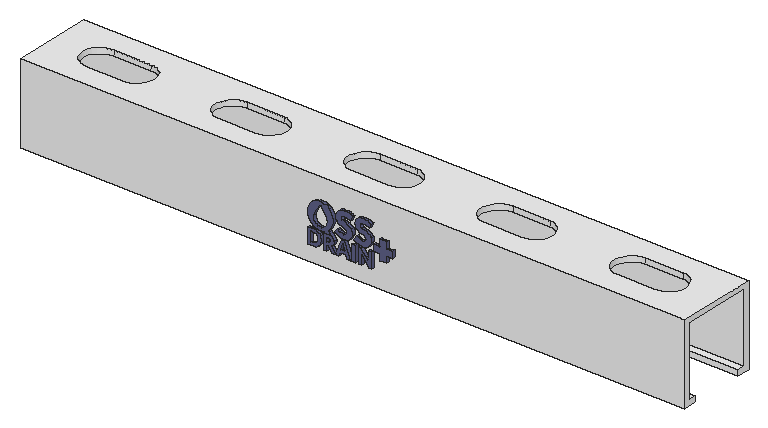
Revit family "QSS+_Стальная шина", category Обобщенные модели, Revit 2019
Family settings
  Может служить основой для арматурных стержней = Нет
  Размер круглого соединителя = Использовать диаметр
  Тип детали = Нормальный
  На основе рабочей плоскости = Нет
  Всегда вертикально = Да
  При загрузке вырезать с полостями = Нет
  Общий = Да
  Точка расчета площади = Нет
Parameters (values of type "QSS+")
  Шаг [instance] = 50 mm
  Материал_Корпус = Металл
  Высота = 30 mm  # constant formula
  n [instance] = ADSK_Размер_Длина / 50 mm  # 5
  l [instance] = (ADSK_Размер_Длина - ((n - 1) * 100 mm)) / 2  # -75 mm
  a/2 [instance] = Шаг / 2  # 25 mm
  URL = "www.agpipe.ru"
  ADSK_Размер_Длина [instance] = 250 mm
  ADSK_Примечание = ""
  ADSK_Позиция [instance] = ""
  ADSK_Обозначение = ""
  ADSK_Наименование [instance] = "Cтальная шина 30/30"  # constant formula
  ADSK_Масса_Текст [instance] = ""
  ADSK_Код изделия [instance] = "QSS-PPS-26518317"  # constant formula
  ADSK_Завод-изготовитель = "Agpipe"  # constant formula
  ADSK_Единица измерения = "шт."  # constant formula
Types (2, lengths in mm): name | n | l | ADSK_Размер_Длина
  QSS | 10 | -200 | 500
  QSS+ | 5 | -75 | 250
Reference planes
  plane 1 "По центру (Вперед/Назад)": y = 0
  plane 2: z = 0
  plane 3 "По центру (Влево/Вправо)": x = 0
  plane 4: x = -125
  plane 5: x = 125
  plane 6 "1": y = -15
  plane 7: y = 15
  plane 8: z = 30
Forms (mm)
  Extrusion 1, solid, material "Металл" <- "Материал_Корпус"
    sketch origin (0, 0, 0) x (0, 1, 0) y (0, 0, 1)
      loop
        line (15, 0) -> (15, 30) -> (-15, 30) -> (-15, 0) -> (-10, 0) -> (-10, 2) -> (-13, 2) -> (-13, 28) -> (13, 28) -> (13, 2) -> (10, 2) -> (10, 0) -> (15, 0)
    from -125 to 125
  Extrusion 2, void
    sketch origin (5.5, 0, 0) x (1, 0, 0) y (0, 1, 0)
      loop
        arc (-112.5, 6.5) -> (-119, 0) -> (-112.5, -6.5) r 6.5
        line (-112.5, -6.5) -> (-98.5, -6.5)
        arc (-98.5, -6.5) -> (-92.683, -2.9) -> (-93.309, 3.911) r 6.5
        arc (-93.309, 3.911) -> (-95.6, 5.817) -> (-98.5, 6.5) r 6.5
        line (-98.5, 6.5) -> (-112.5, 6.5)
    from 28 to 30
  Extrusion 3, void
    sketch origin (55.5, 0, 0) x (1, 0, 0) y (0, 1, 0)
      loop
        arc (-112.5, 6.5) -> (-119, 0) -> (-112.5, -6.5) r 6.5
        line (-112.5, -6.5) -> (-98.5, -6.5)
        arc (-98.5, -6.5) -> (-92.683, -2.9) -> (-93.309, 3.911) r 6.5
        arc (-93.309, 3.911) -> (-95.6, 5.817) -> (-98.5, 6.5) r 6.5
        line (-98.5, 6.5) -> (-112.5, 6.5)
    from 28 to 30
  Extrusion 4, void
    sketch origin (105.5, 0, 0) x (1, 0, 0) y (0, 1, 0)
      loop
        arc (-112.5, 6.5) -> (-119, 0) -> (-112.5, -6.5) r 6.5
        line (-112.5, -6.5) -> (-98.5, -6.5)
        arc (-98.5, -6.5) -> (-92.683, -2.9) -> (-93.309, 3.911) r 6.5
        arc (-93.309, 3.911) -> (-95.6, 5.817) -> (-98.5, 6.5) r 6.5
        line (-98.5, 6.5) -> (-112.5, 6.5)
    from 28 to 30
  Extrusion 5, void
    sketch origin (155.5, 0, 0) x (1, 0, 0) y (0, 1, 0)
      loop
        arc (-112.5, 6.5) -> (-119, 0) -> (-112.5, -6.5) r 6.5
        line (-112.5, -6.5) -> (-98.5, -6.5)
        arc (-98.5, -6.5) -> (-92.683, -2.9) -> (-93.309, 3.911) r 6.5
        arc (-93.309, 3.911) -> (-95.6, 5.817) -> (-98.5, 6.5) r 6.5
        line (-98.5, 6.5) -> (-112.5, 6.5)
    from 28 to 30
  Extrusion 6, void
    sketch origin (205.5, 0, 0) x (1, 0, 0) y (0, 1, 0)
      loop
        arc (-112.5, 6.5) -> (-119, 0) -> (-112.5, -6.5) r 6.5
        line (-112.5, -6.5) -> (-98.5, -6.5)
        arc (-98.5, -6.5) -> (-92.683, -2.9) -> (-93.309, 3.911) r 6.5
        arc (-93.309, 3.911) -> (-95.6, 5.817) -> (-98.5, 6.5) r 6.5
        line (-98.5, 6.5) -> (-112.5, 6.5)
    from 28 to 30
Cuts and joins
  Extrusion 2, Extrusion 3, Extrusion 4, Extrusion 5, Extrusion 6 cuts Extrusion 1
Lines and regions (mm)
  symbolic lines, style "InvisibleLines"
    curve 1: line (-100, 6.5, 0) -> (-100, 1.5, 0)
    curve 2: line (-50, 6.5, 0) -> (-50, 1.5, 0)
    curve 3: line (0, 6.5, 0) -> (0, 1.5, 0)
    curve 4: line (50, 6.5, 0) -> (50, 1.5, 0)
    curve 5: line (100, 6.5, 0) -> (100, 1.5, 0)
Dimensions and locks
  equal spacing: plane 4, plane 3 "По центру (Влево/Вправо)", plane 5
  "ADSK_Размер_Длина": plane 4 to plane 5
  equal spacing: plane 7, plane 1 "По центру (Вперед/Назад)", plane 6 "1"
  "Высота": plane 7 to plane 6 "1"
  "Высота": plane 8 to level
  locked: plane 6 "1" to Extrusion 1 sketch curve at 2
  locked: Extrusion 1 sketch curve to plane 7 at 2
  locked: plane 8 to Extrusion 1 sketch curve at 2
  locked: Extrusion 1 sketch curve to level at 2
  locked: plane 6 "1" to Extrusion 1 sketch curve at 5
  locked: Extrusion 1 sketch curve to plane 7 at 5
  equal spacing: group 1, group 2, group 3, group 4, group 5  (x3)
  "a/2": plane 4 to curve 1
  "Шаг": curve 1 to curve 2
  aligned and locked: level to plane 2
  aligned and locked: plane 6 "1" to Extrusion 1 sketch curve
  aligned and locked: Extrusion 1 sketch curve to plane 8
  aligned and locked: Extrusion 1 sketch curve to plane 7
  aligned and locked: level to Extrusion 1 sketch curve  (x2)
  aligned and locked: plane 5 to Extrusion 1
  aligned and locked: Extrusion 1 to plane 4
  aligned and locked: plane 8 to Extrusion 2
  aligned and locked: Extrusion 1 to Extrusion 2
Automatic sketch dimensions
  level to Extrusion 1 sketch curve = 2 mm
  Extrusion 4 sketch curve to Extrusion 4 sketch curve = 5.191 mm
  Extrusion 4 sketch curve to Extrusion 4 sketch curve = 14 mm
  Extrusion 4 sketch curve to Extrusion 4 sketch curve = 0 mm  (x4)
  Extrusion 4 sketch curve to Extrusion 4 sketch curve = 6.5 mm
  Extrusion 2 sketch curve to Extrusion 2 sketch curve = 5.191 mm
  Extrusion 2 sketch curve to Extrusion 2 sketch curve = 14 mm
  Extrusion 2 sketch curve to Extrusion 2 sketch curve = 0 mm  (x4)
  Extrusion 2 sketch curve to Extrusion 2 sketch curve = 6.5 mm
  Extrusion 3 sketch curve to Extrusion 3 sketch curve = 5.191 mm
  Extrusion 3 sketch curve to Extrusion 3 sketch curve = 14 mm
  Extrusion 3 sketch curve to Extrusion 3 sketch curve = 0 mm  (x4)
  Extrusion 3 sketch curve to Extrusion 3 sketch curve = 6.5 mm
  Extrusion 5 sketch curve to Extrusion 5 sketch curve = 5.191 mm
  Extrusion 5 sketch curve to Extrusion 5 sketch curve = 14 mm
  Extrusion 5 sketch curve to Extrusion 5 sketch curve = 0 mm  (x4)
  Extrusion 5 sketch curve to Extrusion 5 sketch curve = 6.5 mm
  Extrusion 6 sketch curve to Extrusion 6 sketch curve = 5.191 mm
  Extrusion 6 sketch curve to Extrusion 6 sketch curve = 14 mm
  Extrusion 6 sketch curve to Extrusion 6 sketch curve = 0 mm  (x4)
  Extrusion 6 sketch curve to Extrusion 6 sketch curve = 6.5 mm
  curve 1 to curve 1 = 5 mm
  curve 2 to curve 2 = 5 mm
  curve 3 to curve 3 = 5 mm
  curve 4 to curve 4 = 5 mm
  curve 5 to curve 5 = 5 mm
Nested families
  nested 1: "Лого" at (0, -15, 14.443) x (1, 0, 0) z (0, -1, 0), type "Лого"
Definition of nested family "Лого"
  Parameters (values of type "Лого")
    Default Elevation = 1219.2 mm
    Материал_Лого = none
    Высота = 1 mm
  Reference planes
    plane 1 "По центру (Вперед/Назад)": y = 0
    plane 2: z = 0
    plane 3 "По центру (Влево/Вправо)": x = 0
  Forms (mm)
    Extrusion 1, solid, material <- "Материал_Лого"
      sketch origin (0.011, 0.021, 0) x (1, 0, 0) y (0, 1, 0)
        loop
          line (11.196, 0.662) -> (8.786, 0.662) -> (8.786, -1.717) -> (11.196, -1.717) -> (11.196, -4.126) -> (13.605, -4.126) -> (13.605, -1.717) -> (16.014, -1.717) -> (16.014, 0.662) -> (13.605, 0.662) -> (13.605, 3.071) -> (11.196, 3.071) -> (11.196, 0.662)
        loop
          line (-16.035, -2.231) -> (-16.035, -7.927) -> (-13.681, -7.927)
          arc (-13.681, -7.927) -> (-10.833, -5.079) -> (-13.681, -2.231) r 2.848
          line (-13.681, -2.231) -> (-16.035, -2.231)
        loop
          line (-14.941, -3.231) -> (-14.941, -6.907) -> (-13.675, -6.907)
          spline (-13.675, -6.907) -> (-13.29, -6.844) -> (-12.93, -6.661) -> (-12.622, -6.368) -> (-12.385, -5.988) -> (-12.236, -5.545) -> (-12.186, -5.069) -> (-12.236, -4.593) -> (-12.385, -4.15) -> (-12.622, -3.769) -> (-12.93, -3.477) -> (-13.29, -3.294) -> (-13.675, -3.231)
          line (-13.675, -3.231) -> (-14.941, -3.231)
        loop
          line (-10.073, -2.231) -> (-10.073, -7.927) -> (-8.979, -7.927) -> (-8.979, -5.814) -> (-8.144, -5.814) -> (-6.923, -7.927) -> (-4.195, -7.927) -> (-3.764, -6.64) -> (-1.584, -6.64) -> (-1.153, -7.927) -> (0.21, -7.927) -> (-2.006, -2.216) -> (-3.343, -2.216) -> (-5.503, -7.764) -> (-6.891, -5.489)
          spline (-6.891, -5.489) -> (-6.569, -5.283) -> (-6.3, -5.022) -> (-6.095, -4.717) -> (-5.961, -4.38) -> (-5.906, -4.026) -> (-5.931, -3.669) -> (-6.035, -3.324) -> (-6.214, -3.006) -> (-6.461, -2.727) -> (-6.764, -2.499) -> (-7.112, -2.331) -> (-7.491, -2.231)
          line (-7.491, -2.231) -> (-10.073, -2.231)
        loop
          line (-8.979, -3.231) -> (-8.979, -4.901) -> (-7.879, -4.901)
          arc (-7.879, -4.901) -> (-7.203, -4.066) -> (-7.879, -3.231) r 0.853
          line (-7.879, -3.231) -> (-8.979, -3.231)
        loop
          line (-2.674, -3.389) -> (-3.47, -5.764) -> (-1.878, -5.764) -> (-2.674, -3.389)
        loop
          line (0.698, -2.231) -> (0.698, -7.927) -> (1.991, -7.927) -> (1.991, -2.231) -> (0.698, -2.231)
        loop
          arc (-5.726, -0.513) -> (-4.277, -1.348) -> (-2.645, -1.713) r 5.553
          arc (-2.645, -1.713) -> (-1.444, -1.607) -> (-0.334, -1.137) r 3.864
          arc (-0.334, -1.137) -> (0.383, -0.313) -> (0.844, 0.677) r 3.906
          arc (0.844, 0.677) -> (0.918, 1.748) -> (0.517, 2.743) r 2.391
          arc (0.517, 2.743) -> (-0.177, 3.384) -> (-1.009, 3.831) r 3.743
          line (-1.009, 3.831) -> (-2.856, 4.54)
          arc (-2.856, 4.54) -> (-3.258, 5.004) -> (-3.214, 5.616) r 0.802
          arc (-3.214, 5.616) -> (-2.896, 5.984) -> (-2.442, 6.157) r 0.991
          arc (-2.442, 6.157) -> (-1.897, 6.165) -> (-1.362, 6.063) r 2.695
          line (-1.362, 6.063) -> (0, 5.417) -> (0.794, 6.91)
          arc (0.794, 6.91) -> (-1.465, 7.87) -> (-3.889, 7.485) r 4.442
          arc (-3.889, 7.485) -> (-5.272, 5.919) -> (-5.073, 3.84) r 2.623
          arc (-5.073, 3.84) -> (-4.356, 3.014) -> (-3.364, 2.552) r 2.623
          line (-3.364, 2.552) -> (-1.899, 2.104)
          arc (-1.899, 2.104) -> (-1.222, 1.484) -> (-1.278, 0.567) r 1.067
          arc (-1.278, 0.567) -> (-1.848, 0.053) -> (-2.613, 0) r 1.178
          arc (-2.613, 0) -> (-3.214, 0.18) -> (-3.803, 0.396) r 10.617
          line (-3.803, 0.396) -> (-4.741, 1.005) -> (-5.726, -0.513)
        loop
          arc (1.457, -0.513) -> (2.907, -1.348) -> (4.539, -1.713) r 5.553
          arc (4.539, -1.713) -> (5.74, -1.607) -> (6.849, -1.137) r 3.864
          arc (6.849, -1.137) -> (7.566, -0.313) -> (8.027, 0.677) r 3.906
          arc (8.027, 0.677) -> (8.102, 1.748) -> (7.7, 2.743) r 2.391
          arc (7.7, 2.743) -> (7.006, 3.384) -> (6.174, 3.831) r 3.743
          line (6.174, 3.831) -> (4.328, 4.54)
          arc (4.328, 4.54) -> (3.926, 5.004) -> (3.97, 5.616) r 0.802
          arc (3.97, 5.616) -> (4.287, 5.984) -> (4.742, 6.157) r 0.991
          arc (4.742, 6.157) -> (5.286, 6.165) -> (5.821, 6.063) r 2.695
          line (5.821, 6.063) -> (7.183, 5.417) -> (7.977, 6.91)
          arc (7.977, 6.91) -> (5.718, 7.87) -> (3.294, 7.485) r 4.442
          arc (3.294, 7.485) -> (1.911, 5.919) -> (2.11, 3.84) r 2.623
          arc (2.11, 3.84) -> (2.828, 3.014) -> (3.82, 2.552) r 2.623
          line (3.82, 2.552) -> (5.284, 2.104)
          arc (5.284, 2.104) -> (5.962, 1.484) -> (5.906, 0.567) r 1.067
          arc (5.906, 0.567) -> (5.336, 0.053) -> (4.571, 0) r 1.178
          arc (4.571, 0) -> (3.97, 0.18) -> (3.38, 0.396) r 10.617
          line (3.38, 0.396) -> (2.443, 1.005) -> (1.457, -0.513)
        loop
          line (3.118, -2.231) -> (3.118, -7.927) -> (4.271, -7.927) -> (4.271, -4.322) -> (7.119, -7.927) -> (8.079, -7.927) -> (8.079, -2.231) -> (6.927, -2.231) -> (6.927, -5.815) -> (4.095, -2.231) -> (3.118, -2.231)
      from 0 to 1 <- "Высота"
    Extrusion 2, solid, material <- "Материал_Лого"
      sketch origin (0.011, 0.021, 0) x (1, 0, 0) y (0, 1, 0)
        loop
          line (-9.924, -1.619) -> (-8.323, -3.382) -> (-5.741, -3.382) -> (-8.136, -0.745)
          spline (-8.136, -0.745) -> (-6.671, 1.11) -> (-6.264, 3.426) -> (-7.01, 5.658) -> (-8.733, 7.283) -> (-11.03, 7.918) -> (-13.36, 7.414) -> (-15.176, 5.89) -> (-16.051, 3.704) -> (-15.78, 1.369) -> (-14.427, -0.566) -> (-12.309, -1.647) -> (-9.924, -1.619)
        loop
          arc (-13.613, 2.597) -> (-10.838, -0.63) -> (-8.999, 3.207) r 2.541
          arc (-8.999, 3.207) -> (-9.984, 5.059) -> (-11.172, 6.788) r 18.476
          arc (-11.172, 6.788) -> (-12.53, 4.773) -> (-13.613, 2.597) r 18.476
      from 0 to 1 <- "Высота"
  Lines and regions (mm)
    reference lines
      curve 1: line (16.024, -7.913, 0) -> (16.024, 7.913, 0)
      curve 2: line (16.024, 7.913, 0) -> (-16.024, 7.913, 0)
      curve 3: line (-16.024, 7.913, 0) -> (-16.024, -7.913, 0)
      curve 4: line (16.024, -7.913, 0) -> (-16.024, -7.913, 0)
  Dimensions and locks
    aligned and locked: level to plane 2
